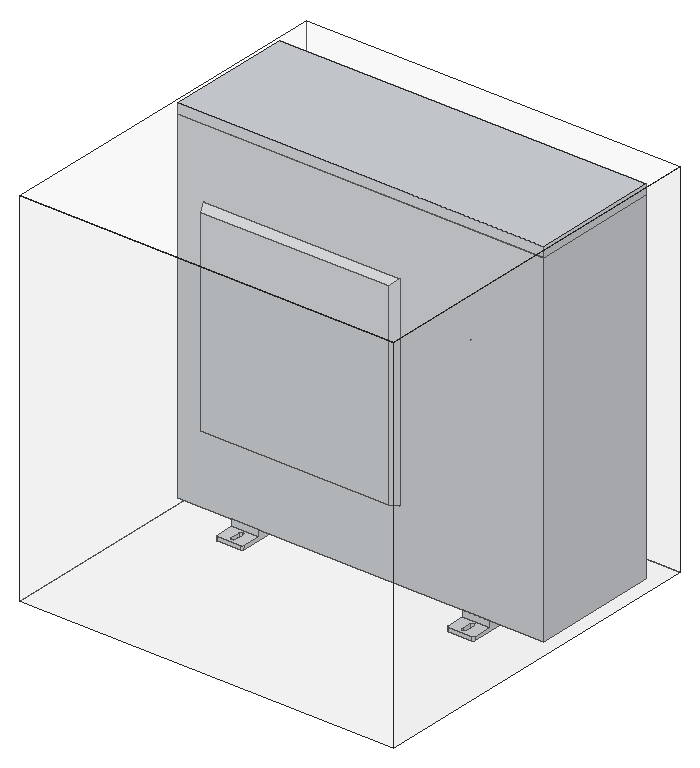
Revit family "puz-zrmp80hka15_280ka5_50hz", category 機械設備, Revit 2019 (continued)
Definition of nested family "PUZ-EZRMP-2"
  Automatic sketch dimensions
    curve 23 to plane 48 = 0 mm
    curve 22 to plane 48 = 0 mm
    curve 21 to plane 48 = 0 mm
    curve 37 to plane 50 = 0 mm
    curve 52 to plane 50 = 0 mm
    curve 51 to plane 50 = 0 mm
    curve 50 to plane 50 = 0 mm
    curve 49 to plane 50 = 0 mm
    curve 48 to plane 50 = 0 mm
    curve 47 to plane 50 = 0 mm
    curve 46 to plane 50 = 0 mm
    curve 45 to plane 50 = 0 mm
    curve 44 to plane 50 = 0 mm
    curve 43 to plane 50 = 0 mm
    curve 42 to plane 50 = 0 mm
    curve 41 to plane 50 = 0 mm
    curve 27 to plane 50 = 0 mm
    curve 28 to plane 50 = 0 mm
    curve 40 to plane 50 = 0 mm
    curve 39 to plane 50 = 0 mm
    curve 29 to plane 50 = 0 mm
    curve 38 to plane 50 = 0 mm
    curve 30 to plane 50 = 0 mm
    curve 53 to plane 50 = 0 mm
    curve 31 to plane 50 = 0 mm
    curve 36 to plane 50 = 0 mm
    curve 32 to plane 50 = 0 mm
    curve 35 to plane 50 = 0 mm
    curve 33 to plane 50 = 0 mm
    curve 34 to plane 50 = 0 mm
    curve 28 to plane 49 = 0 mm
    curve 41 to plane 49 = 0 mm
    curve 27 to plane 49 = 0 mm
    curve 42 to plane 49 = 0 mm
    curve 31 to plane 49 = 0 mm
    curve 40 to plane 49 = 0 mm
    curve 37 to plane 49 = 0 mm
    curve 39 to plane 49 = 0 mm
    curve 32 to plane 49 = 0 mm
    curve 45 to plane 49 = 0 mm
    curve 36 to plane 49 = 0 mm
    curve 46 to plane 49 = 0 mm
    curve 43 to plane 49 = 0 mm
    curve 47 to plane 49 = 0 mm
    curve 29 to plane 49 = 0 mm
    curve 48 to plane 49 = 0 mm
    curve 30 to plane 49 = 0 mm
    curve 49 to plane 49 = 0 mm
    curve 44 to plane 49 = 0 mm
    curve 50 to plane 49 = 0 mm
    curve 33 to plane 49 = 0 mm
    curve 51 to plane 49 = 0 mm
    curve 35 to plane 49 = 0 mm
    curve 52 to plane 49 = 0 mm
    curve 38 to plane 49 = 0 mm
    curve 53 to plane 49 = 0 mm
    curve 34 to plane 49 = 0 mm
    curve 301 to plane 6 = 0 mm
    plane 52 to curve 8 = 0 mm
    plane 7 to curve 303 = 0 mm
    curve 304 to plane 18 = 0 mm
    curve 299 to plane 18 = 0 mm
    plane 8 to curve 297 = 0 mm
    curve 305 to plane 19 = 0 mm
    curve 298 to plane 19 = 0 mm
    curve 296 to plane 43 = 0 mm
    curve 295 to plane 48 = 0 mm
    curve 308 to plane 20 = 0 mm
    curve 291 to plane 21 = 11.98 mm
    curve 309 to plane 21 = 0 mm
    curve 290 to plane 47 = 0 mm
    curve 290 to plane 44 = 0 mm
    curve 288 to plane 5 = 0 mm
    plane 22 to curve 304 = 0 mm
    plane 22 to curve 308 = 0 mm
    plane 23 to curve 293 = 0 mm
    plane 23 to curve 298 = 0 mm
    curve 20 to plane 54 = 9 mm
    plane 66 to curve 316 = 4.5 mm
    curve 11 to plane 30 = 5 mm
    curve 11 to plane 66 = 10.5 mm
    curve 8 to curve 5 = 0 mm
    curve 12 to curve 6 = 0 mm
    curve 303 to plane 59 = 17.452 mm
    plane 15 to curve 297 = 2.486 mm
    curve 287 to plane 21 = 16.899 mm
    plane 47 to curve 297 = 22.809 mm
    plane 47 to curve 2 = 2 mm
    plane 31 to curve 9 = 5 mm
    curve 9 to curve 4 = 0 mm
    curve 16 to plane 47 = 13 mm
    curve 294 to plane 20 = 0 mm
    curve 293 to plane 21 = 0 mm
    plane 40 to curve 294 = 0 mm
    plane 47 to curve 1 = 2 mm
    curve 16 to curve 325 = 15 mm
    Extrusion 9 sketch curve to plane 18 = 0 mm  (x2)
    plane 7 to Extrusion 9 sketch curve = 0 mm
    plane 23 to Extrusion 9 sketch curve = 0 mm
    plane 16 to Extrusion 9 sketch curve = 0 mm  (x3)
    plane 22 to Extrusion 9 sketch curve = 0 mm  (x3)
    Extrusion 9 sketch curve to plane 15 = 0 mm  (x2)
    Extrusion 9 sketch curve to plane 19 = 0 mm  (x2)
    Extrusion 9 sketch curve to plane 14 = 0 mm  (x2)
    plane 8 to Extrusion 9 sketch curve = 0 mm
    plane 82 to Extrusion 9 sketch curve = 3 mm  (x4)
    plane 15 to Extrusion 9 sketch curve = 6 mm  (x2)
    plane 14 to Extrusion 9 sketch curve = 6 mm  (x2)
    Extrusion 9 sketch curve to plane 17 = 10 mm  (x2)
    Extrusion 9 sketch curve to plane 82 = 6 mm  (x2)
    plane 8 to Masking region 1 sketch curve = 0 mm  (x2)
    plane 17 to Masking region 1 sketch curve = 0 mm
    plane 7 to Masking region 1 sketch curve = 0 mm  (x2)
Definition of nested family "固定点"
  Parameters (values of type "固定点")
    中心円 = if(W > 599 mm, 12 mm, 10 mm)  # 12 mm
    W = 1000 mm
    D = 1000 mm
  Reference planes
    plane 1 "中心(正面/背面)": y = 0
    plane 2: z = 0
    plane 3 "中心(左/右)": x = 0
    plane 4: x = 1000
    plane 5: y = 1000
  Lines and regions (mm)
    symbolic lines, detail levels fine
      curve 1: circle (0, 1000, 0) r 6 normal (0, 0, 1)
      curve 2: circle (0, 0, 0) r 6 normal (0, 0, 1)
      curve 3: circle (1000, 1000, 0) r 6 normal (0, 0, 1)
      curve 4: circle (1000, 0, 0) r 6 normal (0, 0, 1)
      curve 5: line (-200, 1000, 0) -> (1200, 1000, 0)
      curve 6: line (-200, 0, 0) -> (1200, 0, 0)
      curve 7: line (0, 1200, 0) -> (0, -200, 0)
      curve 8: line (1000, 1200, 0) -> (1000, -200, 0)
  Dimensions and locks
    "W": plane 3 "中心(左/右)" to plane 4
    "D": plane 1 "中心(正面/背面)" to plane 5
    "中心円": diameter of curve 1
    "中心円": diameter of curve 2
    "中心円": diameter of curve 3
    "中心円": diameter of curve 4
    aligned and locked: level to plane 2
    aligned and locked: plane 5 to curve 1
    aligned and locked: plane 3 "中心(左/右)" to curve 1
    aligned and locked: plane 3 "中心(左/右)" to curve 2
    aligned and locked: plane 1 "中心(正面/背面)" to curve 2
    aligned and locked: plane 4 to curve 3
    aligned and locked: plane 5 to curve 3
    aligned and locked: plane 1 "中心(正面/背面)" to curve 4
    aligned and locked: plane 4 to curve 4
    aligned and locked: plane 1 "中心(正面/背面)" to curve 6
    aligned and locked: curve 7 to plane 3 "中心(左/右)"
    aligned and locked: curve 8 to plane 4
  Automatic sketch dimensions
    curve 5 to plane 5 = 0 mm
    curve 6 to plane 3 "中心(左/右)" = 200 mm
    curve 5 to plane 3 "中心(左/右)" = 200 mm
    curve 4 to curve 6 = 200 mm
    curve 3 to curve 5 = 200 mm
    plane 1 "中心(正面/背面)" to curve 8 = 200 mm
    plane 1 "中心(正面/背面)" to curve 7 = 200 mm
    curve 3 to curve 8 = 200 mm
    curve 1 to curve 7 = 200 mm
Types (21, lengths in mm): name | 音響パワーレベル_冷房 (dB) | 音響パワーレベル_暖房 (dB) | 音響パワーレベル(dB) | 電源位置Z | 電源位置X | 電動機出力_送風機 | 電動機出力_圧縮機 | 質量 | 製品質量 | 相 | 消費電力_暖房 | 消費電力_冷房 | 消費電力 | 構成品番 | 極数 | 最小電線太さ_mm2 | 暖房能力 | 推奨ブレーカー容量 | 形名 | ドレン　位置Y | ドレン　位置X | 冷房能力 | 冷媒管（ガス）位置X | 冷媒管（液）位置X | 冷媒管（ガス）位置Y | 冷媒管径符号 | 冷媒管位置Z | 冷媒管位置Y | 冷媒管位置X | 冷媒液管径 | 冷媒ガス管径 | Width | Height | Clearance Right | Clearance Left | Clearance Front | Clearance Back
  室外機_PUZ-ZRMP80HA15 | 66 | 68 | 68 | 669 | 275 | 0.06 kW | 1.6 kW | 79.20 kg | 66.00 kg | 3 | 2.22 kW | 1.93 kW | 2.22 kW | "PUZ-ZRMP80HA15" | 3 | 3.5 | 8 kW | 20 A | PUZ-EZRMP-2 : PUZ-EZRMP-2-2 | 111 | 30 | 7.1 kW | 434 | 377 | 269 | "Bd" | 447 | 279.5 | 405.5 | 9.52 | 15.88 | 950 | 943 | 10 | 10 | 500 | 100
  室外機_PUZ-ZRMP80SHA15 | 66 | 68 | 68 | 669 | 275 | 0.06 kW | 1.6 kW | 84.00 kg | 70.00 kg | 1 | 2.34 kW | 1.98 kW | 2.34 kW | "PUZ-ZRMP80SHA15" | 1 | 3.5 | 8 kW | 30 A | PUZ-EZRMP-2 : PUZ-EZRMP-2-2 | 111 | 30 | 7.1 kW | 434 | 377 | 229 | "Bd" | 447 | 259.5 | 405.5 | 9.52 | 15.88 | 950 | 943 | 10 | 10 | 500 | 100
  室外機_PUZ-ZRMP112KA15 | 68 | 70 | 70 | 1063 | 325 | 0.12 kW | 2.1 kW | 118.80 kg | 99.00 kg | 3 | 2.67 kW | 2.43 kW | 2.67 kW | "PUZ-ZRMP112KA15" | 3 | 5.5 | 11.2 kW | 30 A | PUZ-EZRMP-3 : PUZ-EZRMP3-1 | 176 | 45 | 10 kW | 483 | 423 | 274 | "Bd" | 450 | 282 | 453 | 9.52 | 15.88 | 1050 | 1338 | 15 | 15 | 500 | 150
  室外機_PUZ-ZRMP140KA15 | 68 | 71 | 71 | 1063 | 325 | 0.12 kW | 2.8 kW | 118.80 kg | 99.00 kg | 3 | 3.72 kW | 3.61 kW | 3.72 kW | "PUZ-ZRMP140KA15" | 3 | 5.5 | 14 kW | 30 A | PUZ-EZRMP-3 : PUZ-EZRMP3-1 | 176 | 45 | 12.5 kW | 483 | 423 | 274 | "Bd" | 450 | 282 | 453 | 9.52 | 15.88 | 1050 | 1338 | 15 | 15 | 500 | 150
  室外機_PUZ-ZRMP160KA15 | 70 | 73 | 73 | 1063 | 325 | 0.12 kW | 3.3 kW | 118.80 kg | 99.00 kg | 3 | 4.5 kW | 4.6 kW | 4.6 kW | "PUZ-ZRMP160KA15" | 3 | 5.5 | 16 kW | 30 A | PUZ-EZRMP-3 : PUZ-EZRMP3-1 | 176 | 45 | 14 kW | 483 | 423 | 274 | "Bd" | 450 | 282 | 453 | 9.52 | 15.88 | 1050 | 1338 | 15 | 15 | 500 | 150
  室外機_PUZ-ZRMP224KA5 | 79 | 81 | 81 | 1063 | 325 | 0.3 kW | 4.6 kW | 156.00 kg | 130.00 kg | 3 | 5.66 kW | 6.07 kW | 6.07 kW | "PUZ-ZRMP224KA5" | 3 | 8 | 22.4 kW | 40 A | PUZ-EZRMP-3 : PUZ-EZRMP3-2 | 176 | 45 | 20 kW | 479 | 423 | 276 | "Bg" | 450 | 283 | 451 | 9.52 | 25.40 | 1050 | 1338 | 15 | 15 | 1000 | 150
  室外機_PUZ-ZRMP280KA5 | 79 | 81 | 81 | 1063 | 325 | 0.4 kW | 5.7 kW | 160.80 kg | 134.00 kg | 3 | 8.14 kW | 9.2 kW | 9.2 kW | "PUZ-ZRMP280KA5" | 3 | 14 | 28 kW | 50 A | PUZ-EZRMP-3 : PUZ-EZRMP3-3 | 176 | 45 | 25 kW | 479 | 423 | 276 | "Cg" | 424 | 283 | 451 | 12.70 | 25.40 | 1050 | 1338 | 15 | 15 | 1000 | 150
  室外機_PUZ-ZRMP80SHA15-BS | 66 | 68 | 68 | 669 | 275 | 0.06 kW | 1.6 kW | 84.00 kg | 70.00 kg | 1 | 2.34 kW | 1.98 kW | 2.34 kW | "PUZ-ZRMP80SHA15-BS" | 1 | 3.5 | 8 kW | 30 A | PUZ-EZRMP-2 : PUZ-EZRMP-2-2 | 111 | 30 | 7.1 kW | 434 | 377 | 229 | "Bd" | 447 | 259.5 | 405.5 | 9.52 | 15.88 | 950 | 943 | 10 | 10 | 500 | 100
  室外機_PUZ-ZRMP80SHA15-BSG | 66 | 68 | 68 | 669 | 275 | 0.06 kW | 1.6 kW | 84.00 kg | 70.00 kg | 1 | 2.34 kW | 1.98 kW | 2.34 kW | "PUZ-ZRMP80SHA15-BSG" | 1 | 3.5 | 8 kW | 30 A | PUZ-EZRMP-2 : PUZ-EZRMP-2-2 | 111 | 30 | 7.1 kW | 434 | 377 | 229 | "Bd" | 447 | 259.5 | 405.5 | 9.52 | 15.88 | 950 | 943 | 10 | 10 | 500 | 100
  室外機_PUZ-ZRMP80HA15-BS | 66 | 68 | 68 | 669 | 275 | 0.06 kW | 1.6 kW | 79.20 kg | 66.00 kg | 3 | 2.22 kW | 1.93 kW | 2.22 kW | "PUZ-ZRMP80HA15-BS" | 3 | 3.5 | 8 kW | 20 A | PUZ-EZRMP-2 : PUZ-EZRMP-2-2 | 111 | 30 | 7.1 kW | 434 | 377 | 269 | "Bd" | 447 | 279.5 | 405.5 | 9.52 | 15.88 | 950 | 943 | 10 | 10 | 500 | 100
  室外機_PUZ-ZRMP80HA15-BSG | 66 | 68 | 68 | 669 | 275 | 0.06 kW | 1.6 kW | 79.20 kg | 66.00 kg | 3 | 2.22 kW | 1.93 kW | 2.22 kW | "PUZ-ZRMP80HA15-BSG" | 3 | 3.5 | 8 kW | 20 A | PUZ-EZRMP-2 : PUZ-EZRMP-2-2 | 111 | 30 | 7.1 kW | 434 | 377 | 269 | "Bd" | 447 | 279.5 | 405.5 | 9.52 | 15.88 | 950 | 943 | 10 | 10 | 500 | 100
  室外機_PUZ-ZRMP280KA5-BS | 79 | 81 | 81 | 1063 | 325 | 0.4 kW | 5.7 kW | 160.80 kg | 134.00 kg | 3 | 8.14 kW | 9.2 kW | 9.2 kW | "PUZ-ZRMP280KA5-BS" | 3 | 14 | 28 kW | 50 A | PUZ-EZRMP-3 : PUZ-EZRMP3-3 | 176 | 45 | 25 kW | 479 | 423 | 276 | "Cg" | 424 | 283 | 451 | 12.70 | 25.40 | 1050 | 1338 | 15 | 15 | 1000 | 150
  室外機_PUZ-ZRMP280KA5-BSG | 79 | 81 | 81 | 1063 | 325 | 0.4 kW | 5.7 kW | 160.80 kg | 134.00 kg | 3 | 8.14 kW | 9.2 kW | 9.2 kW | "PUZ-ZRMP280KA5-BSG" | 3 | 14 | 28 kW | 50 A | PUZ-EZRMP-3 : PUZ-EZRMP3-3 | 176 | 45 | 25 kW | 479 | 423 | 276 | "Cg" | 424 | 283 | 451 | 12.70 | 25.40 | 1050 | 1338 | 15 | 15 | 1000 | 150
  室外機_PUZ-ZRMP224KA5-BS | 79 | 81 | 81 | 1063 | 325 | 0.3 kW | 4.6 kW | 156.00 kg | 130.00 kg | 3 | 5.66 kW | 6.07 kW | 6.07 kW | "PUZ-ZRMP224KA5-BS" | 3 | 8 | 22.4 kW | 40 A | PUZ-EZRMP-3 : PUZ-EZRMP3-2 | 176 | 45 | 20 kW | 479 | 423 | 276 | "Bg" | 450 | 283 | 451 | 9.52 | 25.40 | 1050 | 1338 | 15 | 15 | 1000 | 150
  室外機_PUZ-ZRMP224KA5-BSG | 79 | 81 | 81 | 1063 | 325 | 0.3 kW | 4.6 kW | 156.00 kg | 130.00 kg | 3 | 5.66 kW | 6.07 kW | 6.07 kW | "PUZ-ZRMP224KA5-BSG" | 3 | 8 | 22.4 kW | 40 A | PUZ-EZRMP-3 : PUZ-EZRMP3-2 | 176 | 45 | 20 kW | 479 | 423 | 276 | "Bg" | 450 | 283 | 451 | 9.52 | 25.40 | 1050 | 1338 | 15 | 15 | 1000 | 150
  室外機_PUZ-ZRMP160KA15-BS | 70 | 73 | 73 | 1063 | 325 | 0.12 kW | 3.3 kW | 118.80 kg | 99.00 kg | 3 | 4.5 kW | 4.6 kW | 4.6 kW | "PUZ-ZRMP160KA15-BS" | 3 | 5.5 | 16 kW | 30 A | PUZ-EZRMP-3 : PUZ-EZRMP3-1 | 176 | 45 | 14 kW | 483 | 423 | 274 | "Bd" | 450 | 282 | 453 | 9.52 | 15.88 | 1050 | 1338 | 15 | 15 | 500 | 150
  室外機_PUZ-ZRMP160KA15-BSG | 70 | 73 | 73 | 1063 | 325 | 0.12 kW | 3.3 kW | 118.80 kg | 99.00 kg | 3 | 4.5 kW | 4.6 kW | 4.6 kW | "PUZ-ZRMP160KA15-BSG" | 3 | 5.5 | 16 kW | 30 A | PUZ-EZRMP-3 : PUZ-EZRMP3-1 | 176 | 45 | 14 kW | 483 | 423 | 274 | "Bd" | 450 | 282 | 453 | 9.52 | 15.88 | 1050 | 1338 | 15 | 15 | 500 | 150
  室外機_PUZ-ZRMP140KA15-BS | 68 | 71 | 71 | 1063 | 325 | 0.12 kW | 2.8 kW | 118.80 kg | 99.00 kg | 3 | 3.72 kW | 3.61 kW | 3.72 kW | "PUZ-ZRMP140KA15-BS" | 3 | 5.5 | 14 kW | 30 A | PUZ-EZRMP-3 : PUZ-EZRMP3-1 | 176 | 45 | 12.5 kW | 483 | 423 | 274 | "Bd" | 450 | 282 | 453 | 9.52 | 15.88 | 1050 | 1338 | 15 | 15 | 500 | 150
  室外機_PUZ-ZRMP140KA15-BSG | 68 | 71 | 71 | 1063 | 325 | 0.12 kW | 2.8 kW | 118.80 kg | 99.00 kg | 3 | 3.72 kW | 3.61 kW | 3.72 kW | "PUZ-ZRMP140KA15-BSG" | 3 | 5.5 | 14 kW | 30 A | PUZ-EZRMP-3 : PUZ-EZRMP3-1 | 176 | 45 | 12.5 kW | 483 | 423 | 274 | "Bd" | 450 | 282 | 453 | 9.52 | 15.88 | 1050 | 1338 | 15 | 15 | 500 | 150
  室外機_PUZ-ZRMP112KA15-BS | 68 | 70 | 70 | 1063 | 325 | 0.12 kW | 2.1 kW | 118.80 kg | 99.00 kg | 3 | 2.67 kW | 2.43 kW | 2.67 kW | "PUZ-ZRMP112KA15-BS" | 3 | 5.5 | 11.2 kW | 30 A | PUZ-EZRMP-3 : PUZ-EZRMP3-1 | 176 | 45 | 10 kW | 483 | 423 | 274 | "Bd" | 450 | 282 | 453 | 9.52 | 15.88 | 1050 | 1338 | 15 | 15 | 500 | 150
  室外機_PUZ-ZRMP112KA15-BSG | 68 | 70 | 70 | 1063 | 325 | 0.12 kW | 2.1 kW | 118.80 kg | 99.00 kg | 3 | 2.67 kW | 2.43 kW | 2.67 kW | "PUZ-ZRMP112KA15-BSG" | 3 | 5.5 | 11.2 kW | 30 A | PUZ-EZRMP-3 : PUZ-EZRMP3-1 | 176 | 45 | 10 kW | 483 | 423 | 274 | "Bd" | 450 | 282 | 453 | 9.52 | 15.88 | 1050 | 1338 | 15 | 15 | 500 | 150
